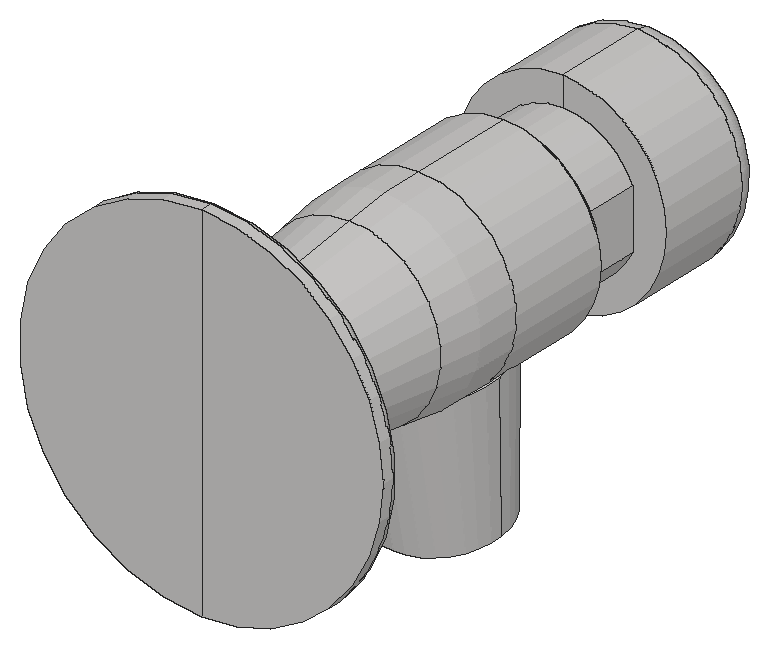
Revit family
Parameters (values of type "Type 1")
  WaterSupplyTemperatureMaximum = "55°C-85° (∆50°C : CW/HW)"
  WarrantyDurationUnit = "10 years"
  WarrantyDescription = "Any manufacturing defect"
  Version = "v1"
  SerialNumber = "3456330012447"
  ProductInformation = "http://www.delabie.com/products/746292"
  Operation = "Time flow tap"
  NominalLength = 50 mm
  Name = "TEMPOSTOP"
  ModelNumber = "746292"
  Material = Solid brass
  ManufacturerURL = "http://www.delabie.com"
  ManufacturerName = "DELABIE"
  IntegralAccessoryOptions = "Thermostatic mixing valve "
  Grade = "ACS - PZH"
  FlowRate lps = "0.05 lps at 3 bar"
  FlowRate lpm = "3 lpm at 3 bar"
  Finish = Chrome-plated
  Features  = "Wall-mounted time flow basin tap:\r\nTime flow ~7 sec.\r\nFlow rate pre-set at 3 lpm at 3 bar, can be adjusted from 1.5 to 6 lpm.\r\nTamperproof scale-resistant flow straightener.\r\nSolid chrome-plated brass body with wall plate M½\"."
  Description = "French manufacturer Delabie is a leader in the European sanitary ware market for non-domestic places. Water controls, solutions for disabled people, sanitary ware, for schools, leisure centres, offices, hospitals, airports…"
  Type Comments = "Wall-mounted time flow tap"
  Model = "TEMPOSTOP"
  Manufacturer = "DELABIE"
  URL = "http://www.delabie.com"
  Radius = 10.3 mm
  Category = "Basin tap"
  Assembly Code = ""
Reference planes
  plane 1 "Wall": y = 0
  plane 2 "Center (Left/Right)": x = 125
  plane 3 "Back": y = 75
  plane 4: y = 75
Text (mm)
  text "Placement Side" at (-1848.837, 1116.779, 0), in view "Ref. Level"
  text "Placement side" at (0, 1409.804, 2854.306), in view "Left"
  text "Placement side" at (0, 499.811, 2980.732), in view "Right"
Dimensions and locks
  locked: plane 3 "Back" to host wall
  locked: plane 4 to plane 3 "Back" at 0
  aligned and locked: plane 1 "Wall" to host wall
  aligned and locked: nested 1 to plane 4
Nested families
  nested 1: "746292" at (125, 118.083, 1000), type "746292"
Connectors
  piping at (125, 75, 1050.817), driven by "Radius"
    settings: on nested 1, index 2, connector radius 10.3 mm, flow factor 0, pipe flow 0.05 L/s, pressure drop 0.0 Pa, fitting loss kfactor 0, connector angle 0.00°, fixture units 0, flow configuration 0, flow direction 1, fitting loss method 0, system type 19, connector reference index -1, connector utility 0, adjustable connector no, is connector primary yes, fitting loss table "", connector description "In - Cold water or mixed water"
Definition of nested family "746292"
  Parameters (values of type "746292")
    Description = "Robinet temporisé de lavabo mural :\nTemporisation ~7 sec.\nDébit préréglé à 3 l/min à 3 bar, ajustable de 1,5 à 6 l/min.\nBrise-jet antitartre inviolable.\nCorps en laiton massif chromé avec rosace M1/2\"."
    Keynote = ""
    URL = "http://www.delabie.fr/"
    Type Comments = "Robinet temporisé"
    Technologie = "Temporisée"
    Radius = 15 mm
    Raccordement = "M1/2\""
    Profondeur = "50 mm"
    Model = "TEMPOSTOP"
    Finition = Laiton massif chromé
    Manufacturer = "DELABIE"
    Lien notice d'installation = "http://www.delabie.fr/produits/746292"
    Lien fiche produit = "http://www.delabie.fr/produits/746292"
    Lien certification = "http://www.delabie.fr/produits/746292"
    Lien CCTP = "http://www.delabie.fr/produits/746292"
    Features = "Wall-mounted time flow basin tap:\r\nTime flow ~7 sec.\r\nFlow rate pre-set at 3 lpm at 3 bar, can be adjusted from 1.5 to 6 lpm.\r\nTamperproof scale-resistant flow straightener.\r\nSolid chrome-plated brass body with wall plate M½\"."
    Famille de produits = "Lavabo"
    Débit = "3 l/min"
    COBie_WaterSupplyTemperatureMaximum = "55°C-85° (∆50°C : CW/HW)"
    COBie_WarrantyDurationUnit = "10 years"
    COBie_WarrantyDescription = "Any manufacturing defect"
    COBie_Version = "v1"
    COBie_SerialNumber = "3456330012447"
    COBie_ProductInformation = "http://www.delabie.com/products/746292"
    COBie_Operation = "Time flow tap"
    COBie_NominalLength = "5cm"
    COBie_Name = "TEMPOSTOP"
    COBie_ModelNumber = "746292"
    COBie_Material = "Solid brass"
    COBie_ManufacturerURL = "http://www.delabie.com"
    COBie_ManufacturerName = "DELABIE"
    COBie_IntegralAccessoryOptions = "Thermostatic mixing valve "
    COBie_Grade = "ACS - PZH"
    COBie_FlowRate = "3 lpm"
    COBie_Finish = "Chrome-plated "
    COBie_Description = "Wall-mounted time flow tap"
    COBie_Category = "Basin tap"
    Butée de température = ""
    Alimentation électrique = ""
  Reference planes
    plane 1 "Center (Front/Back)": y = 0
    plane 2: z = 0
    plane 3 "Center (Left/Right)": x = 0
  Forms (mm)
    Revolve 1, solid, material "Laiton massif chromé" <- "Finition"
      sketch origin (0, 5.771, 50.817) x (0, 0, 1) y (0, -1, 0)
        loop
          line (0, 56.588) -> (0, 37.088) -> (17.232, 37.088) -> (17.232, 52.513)
          arc (17.232, 52.513) -> (16.038, 55.394) -> (13.158, 56.588) r 4.074
          line (13.158, 56.588) -> (0, 56.588)
        loop
          line (0, 26.988) -> (0, -29.311) -> (14.214, -29.311)
          arc (14.214, -29.311) -> (12.91, -27.192) -> (12.461, -24.744) r 6.759
          arc (12.461, -24.744) -> (13.505, -15.706) -> (14.993, -6.73) r 184.192
          arc (14.993, -6.73) -> (15.919, 0.385) -> (15.992, 7.559) r 60.219
          line (15.992, 7.559) -> (15.992, 24.932) -> (15.437, 25.488) -> (13.443, 25.488) -> (13.443, 26.528) -> (12.783, 26.988) -> (0, 26.988)
        loop
          line (0, -32.612) -> (0, -37.312) -> (30.021, -37.312) -> (30.021, -35.361)
          arc (30.021, -35.361) -> (29.794, -34.743) -> (29.22, -34.418) r 0.956
          arc (29.22, -34.418) -> (23.772, -33.172) -> (18.211, -32.612) r 44.937
          line (18.211, -32.612) -> (0, -32.612)
        axis (0, -37.312) -> (0, 56.588)
      angle from 0 to 360
    Extrusion 2, solid, material "Laiton massif chromé" <- "Finition"
      sketch origin (0, 5.771, 50.817) x (1, 0, 0) y (0, 0, 1)
        loop
          line (-11.5, 4.912) -> (-11.5, -4.912)
          arc (-11.5, -4.912) -> (0, -12.505) -> (11.5, -4.912) r 12.505
          line (11.5, -4.912) -> (11.5, 4.912)
          arc (11.5, 4.912) -> (0, 12.505) -> (-11.5, 4.912) r 12.505
      from 26.988 to 37.088
    Extrusion 3, solid, material "Laiton massif chromé" <- "Finition"
      sketch origin (0, 5.771, 50.817) x (1, 0, 0) y (0, 0, 1)
        loop
          line (-14.061, 1.794) -> (-14.061, -3.628)
          arc (-14.061, -3.628) -> (-0.02, -14.468) -> (14.02, -3.628) r 14.513
          line (14.02, -3.628) -> (14.02, 2.31)
          arc (14.02, 2.31) -> (-0.25, 14.536) -> (-14.061, 1.794) r 14.14
      from -32.615 to -29.311
    SweptBlend 4, solid, material "Laiton massif chromé" <- "Finition"
      path origin (0, 7.229, 50.331) x (0, 0, 1) y (0, -1, 0)
        loop
          line (-10.116, 9.99) -> (-35.877, 13.611)
      profile origin (0, -2.761, 40.215) x (0, 0.990268, -0.139173) y (1, 0, 0)
        loop
          circle (0, 0) r 12.473
      end profile origin (0, -6.382, 14.454) x (0, 0.990268, -0.139173) y (1, 0, 0)
        loop
          circle (0, 0) r 10
  Connectors
    piping at (0, 0, 0), driven by "Radius"
      settings: index 2, connector radius 15 mm, flow factor 0, pipe flow 0.0 L/s, pressure drop 0.0 Pa, fitting loss kfactor 0, connector angle 0.00°, fixture units 0, flow configuration 0, flow direction 1, fitting loss method 0, system type 7, connector reference index -1, connector utility 0, adjustable connector no, is connector primary yes, fitting loss table "", connector description ""
